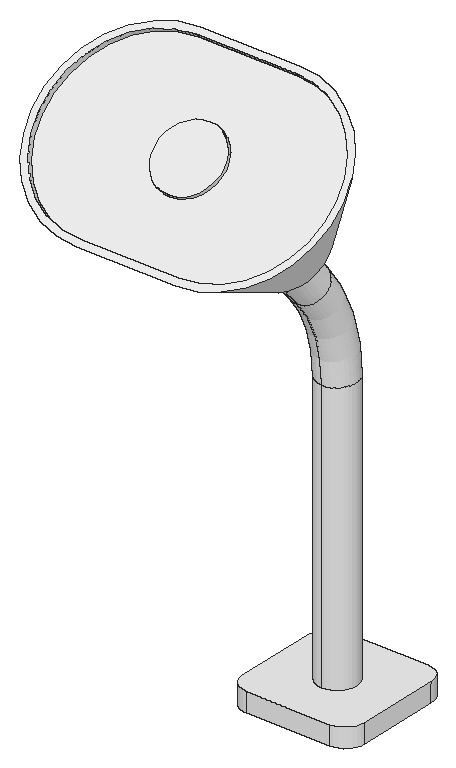
Revit family "Showerhead-DXV-Equility-D3510977X_Series", category Plumbing Fixtures, host Face, Revit 2014
Parameters (values of type "D35109775.100")
  Width = 5 7/8"  # constant formula
  Waste Connection = no
  Warranty Documentation Link = "https://www.dxv.com/-/media/files/dxv/warranty/dxv_warranty_booklet.ashx"
  WFU = 4  # constant formula
  Vent Connection = no
  URL = "http://www.dxv.com"
  Type Comments = ""
  Tempered Water Connection Radius = Tempered Water Connection Diameter / 2  # 1/4"
  Tempered Water Connection Diameter = 1/2"  # constant formula
  Tempered Water Connection = yes
  Revised Date = "1/14/2019"  # constant formula
  Product Page URL = "https://www.dxv.com/product/equility-multifunction-showerhead-by-dxv"
  Product Documentation Link = "https://dxv01.blob.core.windows.net/dxv-product-pdf-files/spec_D35109775_DXV_Equility_shwhead_EN.pdf"
  Price = "Prices may vary. Please consult Manufacturer Representative for most up-to-date price list."  # constant formula
  Model = "D35109775.100"
  Material = "Metal-DXV-100-Polished Chrome"
  Length = 9 3/4"  # constant formula
  Installation Type = "Wall Mounted"  # constant formula
  Height = 6 45/128"  # constant formula
  Finish = Metal-DXV-100-Polished Chrome
  Manufacturer = "DXV"  # constant formula
  HWFU = 3  # constant formula
  HW Connection = no
  Flow Rate = "2.0 GPM (7.6L/min)"
  Description = "Equility Multifunction Showerhead"  # constant formula
  Default Elevation = 79 21/128"  # constant formula
  Creation Date = "26/02/2014"  # constant formula
  CalGreen Compliant = yes
  CWFU = 3  # constant formula
  CW Connection = no
  Assembly Code = "D2010710"
Types (7): name | Model | Material | Finish | Flow Rate
  (no name) | "D35109775.100" | "Metal-DXV-100-Polished Chrome" | Metal-DXV-100-Polished Chrome | "2.0 GPM (7.6L/min)"
  D35109775.100 | "D35109775.100" | "Metal-DXV-100-Polished Chrome" | Metal-DXV-100-Polished Chrome | "2.0 GPM (7.6L/min)"
  D35109775.144 | "D35109775.144" | "Metal-DXV-144-Brushed Nickel" | Metal-DXV-144-Brushed Nickel | "2.0 GPM (7.6L/min)"
  D35109775.243 | "D35109775.243" | "Metal-DXV-243-Matte Black" | Metal-DXV-243-Matte Black | "2.0 GPM (7.6L/min)"
  D3510977C.100 | "D3510977C.100" | "Metal-DXV-100-Polished Chrome" | Metal-DXV-100-Polished Chrome | "1.8 GPM (6.8L/min)"
  D3510977C.144 | "D3510977C.144" | "Metal-DXV-144-Brushed Nickel" | Metal-DXV-144-Brushed Nickel | "1.8 GPM (6.8L/min)"
  D3510977C.243 | "D3510977C.243" | "Metal-DXV-243-Matte Black" | Metal-DXV-243-Matte Black | "1.8 GPM (6.8L/min)"
Reference planes (in)
  plane 1 "Center (Front/Back)": y = 0
  plane 2: z = 0
  plane 3 "Center (Left/Right)": x = 0
  plane 4: z = -0.875
  plane 5: z = 8.875
  plane 6: y = 1.1875
  plane 7: y = -1.1875
  plane 8: z = 0.375
  plane 9: x = -1.1875
  plane 10: x = 1.1875
  plane 11: x = 2.9375
  plane 12: x = -2.9375
  plane 13: through (1.9375, 27.19795, -25.64488) normal (0, 0.766, 0.6428)
  plane 14: through (0, -2.1477, 12.39074) normal (0, -0.6428, 0.766)
  plane 15: y = -5.16406
  plane 16 "Finished Floor": y = -72
  plane 17: y = -79.16406
Forms (in)
  Extrusion 1, solid, material "Metal-DXV-100-Polished Chrome" <- "Finish"
    sketch origin (0, 0, 0) x (1, 0, 0) y (0, 1, 0)
      loop
        arc (-0.8125, 1.1875) -> (-1.07767, 1.07767) -> (-1.1875, 0.8125) r 0.375
        line (-1.1875, 0.8125) -> (-1.1875, -0.8125)
        arc (-1.1875, -0.8125) -> (-1.07767, -1.07767) -> (-0.8125, -1.1875) r 0.375
        line (-0.8125, -1.1875) -> (0.8125, -1.1875)
        arc (0.8125, -1.1875) -> (1.07767, -1.07767) -> (1.1875, -0.8125) r 0.375
        line (1.1875, -0.8125) -> (1.1875, 0.8125)
        arc (1.1875, 0.8125) -> (1.07767, 1.07767) -> (0.8125, 1.1875) r 0.375
        line (0.8125, 1.1875) -> (-0.8125, 1.1875)
    from 0 to 0.375
  Sweep 2, solid, material "Metal-DXV-100-Polished Chrome" <- "Finish"
    path origin (0, 10.98349, 48) x (0, 1, 0) y (0, 0, 1)
      loop
        line (-10.98349, -48.07353) -> (-10.98349, -42.32353)
        arc (-10.98349, -42.32353) -> (-11.16441, -41.29747) -> (-11.68536, -40.39517) r 3
        line (-11.68536, -40.39517) -> (-12.75116, -39.125)
    profile origin (0, 0, 2.80147) x (0, 1, 0) y (-1, 0, 0)
      loop
        circle (0, 0) r 0.375
  Blend 3, solid, material "Metal-DXV-100-Polished Chrome" <- "Finish"
    base sketch origin (0, -11.64331, 4.42299) x (1, 0, 0) y (0, -0.766044, -0.642788)
      loop
        arc (-0.96875, -8.45813) -> (-2.9375, -10.42688) -> (-0.96875, -12.39563) r 1.96875
        line (-0.96875, -12.39563) -> (0.96875, -12.39563)
        arc (0.96875, -12.39563) -> (2.9375, -10.42688) -> (0.96875, -8.45813) r 1.96875
        line (0.96875, -8.45813) -> (-0.96875, -8.45813)
    top sketch origin (0, -11.64331, 4.42299) x (1, 0, 0) y (0, -0.766044, -0.642788)
      loop
        arc (-0.39162, -9.631) -> (-1.1875, -10.42688) -> (-0.39162, -11.22276) r 0.79588
        line (-0.39162, -11.22276) -> (0.39162, -11.22276)
        arc (0.39162, -11.22276) -> (1.1875, -10.42688) -> (0.39162, -9.631) r 0.79588
        line (0.39162, -9.631) -> (-0.39162, -9.631)
    from 0 to 2.9375
  Revolve 4, solid, material "Metal-DXV-100-Polished Chrome" <- "Finish"
    sketch origin (0, 14.3564, 46.74763) x (0, 0.996195, -0.087156) y (0, -0.087156, -0.996195)
      loop
        line (-12.4112, 38.78313) -> (-12.28512, 38.90922) -> (-12.63698, 39.26107) -> (-12.76306, 39.13499) -> (-12.4112, 38.78313)
      axis (-12.63698, 39.26107) -> (-12.76306, 39.13499)
    angle from 0 to 360
  Extrusion 5, void
    sketch origin (0, -2.1477, 12.39074) x (0, -0.766044, -0.642788) y (-1, 0, 0)
      loop
        line (0.125, 0.96875) -> (0.125, -0.96875)
        arc (0.125, -0.96875) -> (1.96875, -2.8125) -> (3.8125, -0.96875) r 1.84375
        line (3.8125, -0.96875) -> (3.8125, 0.96875)
        arc (3.8125, 0.96875) -> (1.96875, 2.8125) -> (0.125, 0.96875) r 1.84375
    from 0 to 0.125
  Extrusion 6, solid, material "Metal-DXV-100-Polished Chrome" <- "Finish"
    sketch origin (0, -2.1477, 12.39074) x (0, 0.766044, 0.642788) y (-1, 0, 0)
      loop
        circle (-1.97464, 0) r 0.65922
    from -0.125 to -0.0625
  Extrusion 7, solid, material "Metal-DXV-100-Polished Chrome" <- "Finish"
    sketch origin (0, 0.43945, 4.68018) x (1, 0, 0) y (0, 0.312905, -0.949784)
      loop
        arc (-0.41219, -6.35357) -> (-0.70956, -6.65094) -> (-0.41219, -6.9483) r 0.29737
        line (-0.41219, -6.9483) -> (0.41219, -6.9483)
        arc (0.41219, -6.9483) -> (0.70956, -6.65094) -> (0.41219, -6.35357) r 0.29737
        line (0.41219, -6.35357) -> (-0.41219, -6.35357)
    from -0.04457 to 0.08043
Cuts and joins
  Extrusion 5 cuts Blend 3
  joined: Extrusion 1, Sweep 2, Blend 3, Revolve 4, Extrusion 6, Extrusion 7
Lines and regions (in)
  Masking region 1
    outline origin (0, 0, 0) x (1, 0, 0) y (0, 0, 1)
      loop
        line (0.96875, 12.39074) -> (-0.96875, 12.39074)
        spline (-0.96875, 12.39074) -> (-1.30454, 12.3722) -> (-1.63048, 12.31712) -> (-1.93704, 12.22711) -> (-2.21522, 12.10481) -> (-2.45687, 11.9538) -> (-2.65491, 11.77851) -> (-2.80354, 11.58408) -> (-2.8984, 11.37621) -> (-2.93672, 11.16098) -> (-2.91736, 10.9447) -> (-2.8409, 10.73371) -> (-2.70957, 10.5342)
        line (-2.70957, 10.5342) -> (-1.02833, 8.5759)
        spline (-1.02833, 8.5759) -> (-0.98938, 8.54417) -> (-0.94663, 8.51449) -> (-0.90035, 8.48704) -> (-0.85081, 8.46201) -> (-0.79834, 8.43955) -> (-0.74326, 8.41978) -> (-0.6859, 8.40285) -> (-0.62663, 8.38885) -> (-0.56581, 8.37787) -> (-0.50382, 8.36997) -> (-0.44105, 8.36522) -> (-0.37789, 8.36363)
        line (-0.37789, 8.36363) -> (-0.37789, 0.375) -> (-1.1875, 0.375) -> (-1.1875, 0) -> (1.1875, 0) -> (1.1875, 0.375) -> (0.375, 0.375) -> (0.375, 8.36311)
        spline (0.375, 8.36311) -> (0.43833, 8.36471) -> (0.50127, 8.36948) -> (0.56343, 8.3774) -> (0.6244, 8.38842) -> (0.68383, 8.40246) -> (0.74132, 8.41945) -> (0.79654, 8.43928) -> (0.84912, 8.46182) -> (0.89875, 8.48693) -> (0.94511, 8.51445) -> (0.98792, 8.54422) -> (1.02691, 8.57605)
        line (1.02691, 8.57605) -> (2.70957, 10.5342)
        spline (2.70957, 10.5342) -> (2.8409, 10.73371) -> (2.91736, 10.9447) -> (2.93672, 11.16098) -> (2.8984, 11.37621) -> (2.80354, 11.58408) -> (2.65491, 11.77851) -> (2.45687, 11.9538) -> (2.21522, 12.10481) -> (1.93704, 12.22711) -> (1.63048, 12.31712) -> (1.30454, 12.3722) -> (0.96875, 12.39074)
  symbolic lines, style "PlumbingFixtures", detail levels medium+fine
    curve 1: line (0.37478, 0, 0.375) -> (-0.37662, 0, 0.375)
    curve 7: line (0.37478, 0, 8.59778) -> (0.37478, 0, 8.36306)
    curve 8: line (-0.37662, 0, 8.59778) -> (-0.37662, 0, 8.36355)
  symbolic lines, style "PlumbingFixtures", detail levels fine
    curve 2: line (0.7116, 0, 9.38659) -> (-0.7116, 0, 9.38659)
    curve 3: spline (0.41219, 0, 11.30474) -> (0.48915, 0, 11.29512) -> (0.56087, 0, 11.26691) -> (0.62246, 0, 11.22202) -> (0.66972, 0, 11.16353) -> (0.69942, 0, 11.09541) -> (0.70956, 0, 11.02231) -> (0.69942, 0, 10.94921) -> (0.66972, 0, 10.88109) -> (0.62246, 0, 10.8226) -> (0.56087, 0, 10.77771) -> (0.48915, 0, 10.7495) -> (0.41219, 0, 10.73987)
    curve 4: line (0.41219, 0, 10.73987) -> (-0.41219, 0, 10.73987)
    curve 5: spline (-0.41219, 0, 10.73987) -> (-0.48915, 0, 10.7495) -> (-0.56087, 0, 10.77771) -> (-0.62246, 0, 10.8226) -> (-0.66972, 0, 10.88109) -> (-0.69942, 0, 10.94921) -> (-0.70956, 0, 11.02231) -> (-0.69942, 0, 11.09541) -> (-0.66972, 0, 11.16353) -> (-0.62246, 0, 11.22202) -> (-0.56087, 0, 11.26691) -> (-0.48915, 0, 11.29512) -> (-0.41219, 0, 11.30474)
    curve 6: line (-0.41219, 0, 11.30474) -> (0.41219, 0, 11.30474)
  symbolic lines, detail levels fine
    curve 9: arc (1.00103, 0, 8.54604) -> (1.09737, 0, 9.04931) -> (0.7116, 0, 9.38659) r 0.51495
    curve 10: arc (-0.99976, 0, 8.54457) -> (-1.09769, 0, 9.0484) -> (-0.7116, 0, 9.38659) r 0.51495
  symbolic lines, detail levels medium+fine
    curve 11: arc (0.37478, 0, 8.59778) -> (-0.00092, 0, 8.97348) -> (-0.37662, 0, 8.59778) r 0.3757
Dimensions and locks (in)
  "Width": plane 12 to plane 11
  "Length": plane 4 to plane 5
  "Height": plane 15 to plane 6
  plane 6 to plane 7 = 2 3/8"
  plane 1 "Center (Front/Back)" to plane 17 = 79 21/128"
  aligned and locked: plane 2 to host face
  aligned and locked: level to host face
Automatic sketch dimensions
  host sketch curve to host sketch curve = 96"  (x2)
  Extrusion 1 sketch curve to plane 9 = 0"
  Extrusion 1 sketch curve to plane 7 = 0"
  plane 6 to Extrusion 1 sketch curve = 0"
  Extrusion 1 sketch curve to plane 10 = 0"
  plane 9 to Extrusion 1 sketch curve = 3/8"  (x2)
  plane 10 to Extrusion 1 sketch curve = 3/8"
  Extrusion 1 sketch curve to Extrusion 1 sketch curve = 3/8"
  profile plane to Sweep 2 sketch curve = 0"
  Sweep 2 sketch curve to profile plane = 0"
  plane 9 to Blend 3 sketch curve = 7/32"
  plane 10 to Blend 3 sketch curve = 7/32"
  Blend 3 sketch curve to Blend 3 sketch curve = 1 31/32"
  plane 13 to Blend 3 sketch curve = 0"
  Blend 3 sketch curve to plane 3 "Center (Left/Right)" = 0.39162"
  plane 3 "Center (Left/Right)" to Blend 3 sketch curve = 0.39162"
  Blend 3 sketch curve to Blend 3 sketch curve = 0.79588"
  Revolve 4 sketch curve to plane 5 = 0.07729"
  Revolve 4 sketch curve to plane 7 = 0.64717"
  Revolve 4 sketch curve to Revolve 4 sketch curve = 0.07232"
  Revolve 4 sketch curve to Revolve 4 sketch curve = 0"  (x2)
  Revolve 4 sketch curve to Revolve 4 sketch curve = 0.12608"  (x2)
  Revolve 4 sketch curve to Revolve 4 sketch curve = 0.35186"
  Revolve 4 sketch curve to Revolve 4 sketch curve = 0.15345"
  plane 9 to Extrusion 5 sketch curve = 7/32"
  plane 10 to Extrusion 5 sketch curve = 7/32"
  Extrusion 5 sketch curve to Extrusion 5 sketch curve = 1 27/32"
  Extrusion 6 sketch curve to plane 3 "Center (Left/Right)" = 0"
  Extrusion 7 sketch curve to plane 3 "Center (Left/Right)" = 0.41219"
  plane 3 "Center (Left/Right)" to Extrusion 7 sketch curve = 0.41219"
  Extrusion 7 sketch curve to Extrusion 7 sketch curve = 0.29737"
  Masking region 1 sketch curve to plane 8 = 0"  (x2)
  Masking region 1 sketch curve to plane 9 = 0"
  plane 10 to Masking region 1 sketch curve = 0"
  plane 12 to Masking region 1 sketch curve = 0.22793"
  plane 9 to Masking region 1 sketch curve = 0.15917"
  plane 9 to Masking region 1 sketch curve = 3/16"
  plane 9 to Masking region 1 sketch curve = 7/32"
  plane 5 to Masking region 1 sketch curve = 0.00062"
  Masking region 1 sketch curve to plane 3 "Center (Left/Right)" = 0.42774"
  plane 5 to Masking region 1 sketch curve = 0.00033"
  Masking region 1 sketch curve to Masking region 1 sketch curve = 0.04985"
  plane 3 "Center (Left/Right)" to Masking region 1 sketch curve = 3/8"
  Masking region 1 sketch curve to Masking region 1 sketch curve = 0.04883"
  plane 10 to Masking region 1 sketch curve = 7/32"
  Masking region 1 sketch curve to Masking region 1 sketch curve = 1/32"
  plane 10 to Masking region 1 sketch curve = 0.16059"
  plane 11 to Masking region 1 sketch curve = 0.22793"
  Masking region 1 sketch curve to Masking region 1 sketch curve = 0.51126"
  Masking region 1 sketch curve to Masking region 1 sketch curve = 0.51104"
  Masking region 1 sketch curve to plane 5 = 1.6592"  (x2)
  Masking region 1 sketch curve to Masking region 1 sketch curve = 0.59105"
  plane 9 to curve 2 = 0.4759"
  curve 10 to plane 5 = 0.00666"
  curve 10 to curve 10 = 0.10113"
  curve 5 to plane 3 "Center (Left/Right)" = 0.41219"
  curve 5 to plane 3 "Center (Left/Right)" = 0.11482"
  curve 11 to plane 3 "Center (Left/Right)" = 0.00092"
  plane 3 "Center (Left/Right)" to curve 3 = 0.11482"
  curve 3 to curve 3 = 0.29737"
  curve 9 to plane 5 = 0.00666"
  curve 4 to curve 5 = 0.28244"
  plane 5 to Sweep 2 sketch curve = 0"
  Sweep 2 sketch curve to plane 1 "Center (Front/Back)" = 0"
  Sweep 2 sketch curve to plane 7 = 0.48563"
  plane 7 to Sweep 2 sketch curve = 0.58017"
  plane 7 to Sweep 2 sketch curve = 1 13/16"
  Sweep 2 sketch curve to plane 5 = 1.27017"
  level to Sweep 2 sketch curve = 0.07353"
  curve 1 to plane 8 = 0"
  curve 10 to curve 8 = 0.23385"
  curve 1 to plane 3 "Center (Left/Right)" = 0.37662"
  plane 3 "Center (Left/Right)" to curve 1 = 0.37478"
  curve 11 to curve 9 = 0.23569"
  plane 10 to curve 2 = 0.4759"
  plane 5 to curve 7 = 0.51194"
  plane 5 to curve 8 = 0.51145"
  curve 8 to curve 8 = 0.23423"
  curve 2 to plane 5 = 0.51159"
  curve 2 to curve 4 = 1.35329"
  plane 9 to curve 10 = 0.18774"
  plane 10 to curve 9 = 0.18647"
  Masking region 1 sketch curve to level = 0"
  radius of Sweep 2 sketch curve = 3/8"
  radius of Extrusion 6 sketch curve = 0.65922"
Connectors (in)
  piping at (0, 0, -0.07353), diameter 0.5, driven by "Tempered Water Connection Radius"
    settings: on cut or joined group of Extrusion 1, Sweep 2, Blend 3, Revolve 4, Extrusion 5, Extrusion 6, Extrusion 7, index 1, connector inside diameter 1/2", connector length 0", flow factor 0, pipe flow 2 GPM, pressure drop 0.00 psi, fitting loss kfactor 0, connector angle 0.00°, fixture units 0, engagement length 0", angle of deflection 0.00°, flow configuration 0, flow direction 1, fitting loss method 0, system type 29, joint type 0, gender type 0, connector reference index -1, connector utility 0, adjustable connector no, is connector primary yes, connector description "1/2\" Supply Inlet"
